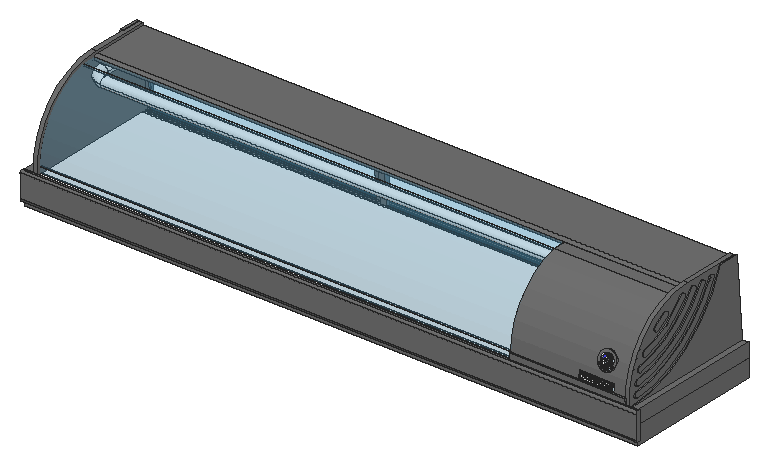
Revit family "QF_HOSHIZAKI_HNC-150BE-R-BLH", category Specialty Equipment, Revit 2016
Family settings
  Part Type = Normal
  Round Connector Dimension = Use Diameter
  OmniClass Number = 23.40.40.14
  OmniClass Title = Food Service Equipment
  Work Plane-Based = No
  Always vertical = Yes
  Cut with Voids When Loaded = No
  Shared = No
  Room Calculation Point = No
Parameters (values of type "HNC-150BE-R-BLH_230V/1Ph/50Hz")
  Weight = 37.00 kg
  Waste Remarks [instance] = ""
  Volts = 230 V
  URL Cutsheet = ""
  URL = "www.hoshizaki-europe.com"
  Status [instance] = ""
  Specification by User [instance] = ""
  Specification by Manufacturer [instance] = ""
  Serial Number = ""
  Seismic Rating = ""
  SMACNA No = ""
  Revision Code [instance] = ""
  Phase = 1
  Number of Poles = 2
  NAFEM Spec ID Number = ""
  Model = "HNC-150BE-R-BLH"
  Min Ckt Ampacity = 0 A
  Max Overcurrent Protection = 0 A
  Masterspec = ""
  Manufacturer = "HOSHIZAKI"
  Length Actual = 1500 mm
  Item Number [instance] = ""
  Installed By [instance] = ""
  Indirect Waste Size = 50.8 mm
  Indirect Waste Connection Type [instance] = ""
  Indirect Waste Connection Height [instance] = 23 mm
  Identify Quantity as Lot [instance] = no
  Height Actual = 270 mm
  HP power = ""
  Furnished By [instance] = ""
  Foodservice Equipment Identifier [instance] = yes
  FL Amps = 0.6 A
  Electric power = 140 W
  Electric Connection Type [instance] = ""
  Elec Conn RI Height [instance] = 0 mm
  Elec Conn Connection Height [instance] = 19 mm
  Direct Waste RI Height [instance] = 0 mm
  Description = "SUSHI CASE WITH LED LIGHTING, RIGHT SIDED - BLACK"
  Depth Actual = 345 mm
  Cycle = 50 Hz
  Cost = 0
  Conn Plug = ""
  Conn Conduit = no
  CSI MasterFormat = ""
  Assembly Code = "E1090320"
  Apparent Power = 140 VA
  Accessory = no
Reference planes
  plane 1 "Center (Front/Back)": y = 0
  plane 2: z = 0
  plane 3 "Center (Left/Right)": x = 0
Forms (mm)
  Extrusion 1, solid, not visible
    sketch origin (1469, -2, 18) x (1, 0, 0) y (0, 1, 0)
      loop
        line (0, 0) -> (2, 0) -> (2, 2) -> (0, 2) -> (0, 0)
    from 0 to 2
  Extrusion 2, solid, not visible
    sketch origin (67, -2, 22) x (1, 0, 0) y (0, 1, 0)
      loop
        line (0, 0) -> (2, 0) -> (2, 2) -> (0, 2) -> (0, 0)
    from 0 to 2
Dimensions and locks
  aligned and locked: level to plane 2
Nested families
  nested 1: "QF_HOSHIZAKI_HNC-150BE-R-BLH_230V_1Ph_50Hz" at (0, 0, 0), type "HNC-150BE-R-BLH_230V/1Ph/50Hz"
    with Status "", Specification by User "", Show Clearance yes, Revision Code "", Number of Poles 1, Item Number "", Installed By "", Identify Quantity as Lot no, Furnished By "", Foodservice Equipment Identifier yes, Electrical Remarks "", Electric Connection Type "", Elec Conn RI Height 0 mm, Elec Conn Connection Height 19 mm, Conn Conduit yes
Connectors
  electrical at (1470, 0, 19), driven by "Apparent Power", driven by "Number of Poles", driven by "Volts"
    settings: on Extrusion 1, index 1, voltage 230 V, apparent load 0 VA, apparent load phase1 140 VA, apparent load phase2 0 VA, apparent load phase3 0 VA, power factor 1, load classification "Other", number of poles 2, system type 31, power factor state 1, is connector primary yes, connector utility no, sub classification motor no, connector description "Electric connection for 'HNC-150BE-R-BLH'"
  piping at (68, 0, 23), diameter 50.8, driven by "Indirect Waste Size"
    settings: on Extrusion 2, index 2, connector inside diameter 609.6 mm, connector length 0 mm, flow factor 0, pipe flow 0.0 L/s, pressure drop 0.0 Pa, fitting loss kfactor 0, connector angle 0.00°, fixture units 0, engagement length 0 mm, angle of deflection 0.00°, flow configuration 1, flow direction 2, fitting loss method 0, system type 16, joint type 0, gender type 0, connector reference index -1, connector utility 0, adjustable connector no, is connector primary yes, connector description "Drain connection for 'HNC-150BE-R-BLH'"
Definition of nested family "QF_HOSHIZAKI_HNC-150BE-R-BLH_230V_1Ph_50Hz"
  Parameters (values of type "HNC-150BE-R-BLH_230V/1Ph/50Hz")
    Weight in Pounds = 81.5709
    Electric power = 150 W
    Volts = 230 V
    URL Cutsheet = "www.hoshizaki-europe.com"
    URL = "www.hoshizaki-europe.com"
    Status [instance] = ""
    Specification by User [instance] = ""
    Specification by Manufacturer = ""
    Show Logo = yes
    Show Clearance [instance] = yes
    Serial Number = ""
    Seismic Rating = ""
    SMACNA No = ""
    Revision Code [instance] = ""
    Phase = 1
    Number of Poles [instance] = 1
    NAFEM Spec ID Number = ""
    Model = "HNC-150BE-R-BLH"
    Min Ckt Ampacity = 0 A
    Max Overcurrent Protection = 0 A
    Masterspec = ""
    Manufacturer = "HOSHIZAKI"
    Item Number [instance] = ""
    Installed By [instance] = ""
    Identify Quantity as Lot [instance] = no
    HP power = "0.201153000000"
    Furnished By [instance] = ""
    Foodservice Equipment Identifier [instance] = yes
    FL Amps = 20 A
    Electrical Remarks [instance] = ""
    Electric Connection Type [instance] = ""
    Elec Conn RI Height [instance] = 0 mm
    Elec Conn Connection Height [instance] = 19 mm
    Description = "SUSHI CASE WITH LED LIGHTING, RIGHT SIDED - BLACK"
    Cycle = 50 Hz
    Conn Plug = ""
    Conn Conduit [instance] = yes
    CSI MasterFormat = ""
    Assembly Code = "E1090320"
    Apparent Power = 150 VA
  Reference planes
    plane 1 "Back": y = 0
    plane 2: z = 0
    plane 3 "Left": x = 0
    plane 4 "Right": x = 1500
    plane 5 "Front": y = -345
    plane 6 "Top": z = 270
  Forms (mm)
    Extrusion 1, solid
      sketch origin (1500, 0, 0) x (0, 1, 0) y (0, 0, -1)
        loop
          line (-335, -11.612) -> (-340, -11.612)
          arc (-340, -11.612) -> (-343.536, -13.076) -> (-345, -16.612) r 5
          line (-345, -16.612) -> (-345, -73.923)
          arc (-345, -73.923) -> (-343.536, -77.458) -> (-340, -78.923) r 5
          line (-340, -78.923) -> (-335, -78.923) -> (-335, -11.612)
      from 0 to 1500
    Extrusion 2, solid
      sketch origin (1496, 0, 0) x (0, 1, 0) y (0, 0, -1)
        loop
          line (0, 0) -> (-335, 0) -> (-335, -45.267) -> (0, -45.267) -> (0, 0)
      from 1492 to 0
    Extrusion 3, solid
      sketch origin (20, 0, 0) x (0, 1, 0) y (0, 0, 1)
        loop
          line (-335, 77.311) -> (-335, 45.267) -> (0, 45.267) -> (0, 81.612) -> (-16.482, 270) -> (-62.821, 270)
          arc (-62.821, 270) -> (-168.876, 131.23) -> (-335, 77.311) r 293.422
        loop
          arc (-83.709, 252.219) -> (-87.673, 258.508) -> (-95.039, 257.5) r 6.865
          arc (-95.039, 257.5) -> (-185.592, 150.044) -> (-318.029, 103.066) r 268.422
          arc (-318.029, 103.066) -> (-323.161, 96.407) -> (-317.08, 90.602) r 6.285
          arc (-317.08, 90.602) -> (-178.479, 139.765) -> (-83.709, 252.219) r 280.922
        loop
          arc (-111.859, 251.686) -> (-115.571, 258.059) -> (-122.925, 257.5) r 6.947
          arc (-122.925, 257.5) -> (-202.759, 168.597) -> (-315.28, 128.393) r 243.422
          arc (-315.28, 128.393) -> (-320.31, 121.62) -> (-314.06, 115.953) r 6.28
          arc (-314.06, 115.953) -> (-195.78, 158.227) -> (-111.859, 251.686) r 255.922
        loop
          arc (-140.937, 251.021) -> (-143.81, 258.338) -> (-151.626, 257.5) r 6.48
          arc (-151.626, 257.5) -> (-218.228, 188.332) -> (-308.057, 154.411) r 218.422
          arc (-308.057, 154.411) -> (-312.519, 147.451) -> (-306.269, 142.04) r 6.315
          arc (-306.269, 142.04) -> (-211.328, 177.909) -> (-140.937, 251.021) r 230.922
        loop
          arc (-173, 248.071) -> (-175.054, 255.795) -> (-183.042, 255.516) r 6.411
          arc (-183.042, 255.516) -> (-231.849, 209.297) -> (-293.527, 182.572) r 193.422
          arc (-293.527, 182.572) -> (-298.352, 176.046) -> (-293.13, 169.833) r 6.554
          arc (-293.13, 169.833) -> (-226.037, 198.16) -> (-173, 248.071) r 205.922
        loop
          arc (-225.482, 229.368) -> (-225.701, 237.193) -> (-233.285, 239.134) r 6.501
          arc (-233.285, 239.134) -> (-246.737, 229.431) -> (-261.08, 221.097) r 168.422
          arc (-261.08, 221.097) -> (-262.519, 213.318) -> (-255.34, 209.993) r 6.452
          arc (-255.34, 209.993) -> (-239.933, 218.945) -> (-225.482, 229.368) r 180.922
      from 0 to 5
    Extrusion 4, solid
      sketch origin (25, 0, 0) x (0, 1, 0) y (0, 0, 1)
        loop
          line (-335, 45.267) -> (0, 45.267) -> (0, 81.612) -> (-16.482, 270) -> (-157.482, 270)
          arc (-157.482, 270) -> (-288.48, 212.569) -> (-335, 77.311) r 178.115
          line (-335, 77.311) -> (-335, 45.267)
      from 0 to 10
    Extrusion 5, solid
      sketch origin (1480, 0, 0) x (0, 1, 0) y (0, 0, -1)
        loop
          arc (-335, -77.311) -> (-168.876, -131.23) -> (-62.821, -270) r 293.422
          line (-62.821, -270) -> (-16.482, -270) -> (0, -81.612) -> (0, -45.267) -> (-335, -45.267) -> (-335, -77.311)
        loop
          arc (-83.709, -252.219) -> (-178.479, -139.765) -> (-317.08, -90.602) r 280.922
          arc (-317.08, -90.602) -> (-323.161, -96.407) -> (-318.029, -103.066) r 6.285
          arc (-318.029, -103.066) -> (-185.592, -150.044) -> (-95.039, -257.5) r 268.422
          arc (-95.039, -257.5) -> (-87.673, -258.508) -> (-83.709, -252.219) r 6.865
        loop
          arc (-111.859, -251.686) -> (-195.78, -158.227) -> (-314.06, -115.953) r 255.922
          arc (-314.06, -115.953) -> (-320.31, -121.62) -> (-315.28, -128.393) r 6.28
          arc (-315.28, -128.393) -> (-202.759, -168.597) -> (-122.925, -257.5) r 243.422
          arc (-122.925, -257.5) -> (-115.571, -258.059) -> (-111.859, -251.686) r 6.947
        loop
          arc (-140.937, -251.021) -> (-211.328, -177.909) -> (-306.269, -142.04) r 230.922
          arc (-306.269, -142.04) -> (-312.519, -147.451) -> (-308.057, -154.411) r 6.315
          arc (-308.057, -154.411) -> (-218.228, -188.332) -> (-151.626, -257.5) r 218.422
          arc (-151.626, -257.5) -> (-143.81, -258.338) -> (-140.937, -251.021) r 6.48
        loop
          arc (-173, -248.071) -> (-226.037, -198.16) -> (-293.13, -169.833) r 205.922
          arc (-293.13, -169.833) -> (-298.352, -176.046) -> (-293.527, -182.572) r 6.554
          arc (-293.527, -182.572) -> (-231.849, -209.297) -> (-183.042, -255.516) r 193.422
          arc (-183.042, -255.516) -> (-175.054, -255.795) -> (-173, -248.071) r 6.411
        loop
          arc (-225.482, -229.368) -> (-239.933, -218.945) -> (-255.34, -209.993) r 180.922
          arc (-255.34, -209.993) -> (-262.519, -213.318) -> (-261.08, -221.097) r 6.452
          arc (-261.08, -221.097) -> (-246.737, -229.431) -> (-233.285, -239.134) r 168.422
          arc (-233.285, -239.134) -> (-225.701, -237.193) -> (-225.482, -229.368) r 6.501
      from 0 to 5
    Extrusion 6, solid
      sketch origin (1475, 0, 0) x (0, 1, 0) y (0, 0, -1)
        loop
          line (-335, -45.267) -> (-335, -77.311)
          arc (-335, -77.311) -> (-288.48, -212.569) -> (-157.482, -270) r 178.115
          line (-157.482, -270) -> (-16.482, -270) -> (0, -81.612) -> (0, -45.267) -> (-335, -45.267)
      from 0 to 10
    Extrusion 7, solid
      sketch origin (1500, 0, 0) x (0, 1, 0) y (0, 0, -1)
        loop
          line (-335.005, -77.311) -> (-335.597, -91.885) -> (-330.597, -91.885)
          arc (-330.597, -91.885) -> (-293.716, -198.698) -> (-198.787, -260) r 173.115
          line (-198.787, -260) -> (-15.607, -260) -> (0, -81.612) -> (0, -45.267) -> (-9.983, -45.267) -> (-9.983, -77.311) -> (-335.005, -77.311)
      from 35 to 317
    Extrusion 8, solid
      sketch origin (1500, 0, 0) x (0, 1, 0) y (0, 0, -1)
        loop
          line (-9.983, -45.267) -> (-335, -45.267) -> (-335, -67.293)
          arc (-335, -67.293) -> (-332.066, -74.377) -> (-324.983, -77.311) r 10.017
          line (-324.983, -77.311) -> (-20.035, -77.311)
          arc (-20.035, -77.311) -> (-12.951, -74.377) -> (-9.983, -67.293) r 10.017
          line (-9.983, -67.293) -> (-9.983, -45.267)
      from 35 to 1465
    Extrusion 9, solid
      sketch origin (1500, 0, 0) x (0, 1, 0) y (0, 0, -1)
        loop
          line (-16.044, -265) -> (-15.169, -255) -> (-166.142, -255) -> (-166.142, -260)
          arc (-166.142, -260) -> (-162.482, -263.66) -> (-157.482, -265) r 10
          line (-157.482, -265) -> (-16.044, -265)
      from 35 to 1465
    Extrusion 10, solid
      sketch origin (1500, 0, 0) x (0, 1, 0) y (0, 0, -1)
        loop
          line (-166.142, -260) -> (-166.142, -255) -> (-198.178, -255)
          arc (-198.178, -255) -> (-289.967, -195.377) -> (-325.597, -91.885) r 168.115
          line (-325.597, -91.885) -> (-325.597, -77.395) -> (-330.597, -77.395) -> (-330.597, -91.885)
          arc (-330.597, -91.885) -> (-293.716, -198.698) -> (-198.787, -260) r 173.115
          line (-198.787, -260) -> (-166.142, -260)
      from 317 to 1465
    Sweep 11, solid
      path origin (1198.216, 0, 230) x (-1, 0, 0) y (0, -1, 0)
        loop
          line (1072.551, 50.66) -> (1112.551, 50.66)
          arc (1112.551, 50.66) -> (1140.051, 62.051) -> (1151.442, 89.551) r 38.891
          line (1151.442, 89.551) -> (1151.442, 153.787)
          arc (1151.442, 153.787) -> (1142.122, 176.287) -> (1119.622, 185.607) r 31.82
          line (1119.622, 185.607) -> (14.622, 185.607)
      profile origin (105.665, -50.66, 230) x (0, -1, 0) y (0, 0, 1)
        loop
          circle (0, 0) r 12.5
    Extrusion 12, solid
      sketch origin (1500, 0, 0) x (0, 1, 0) y (0, 0, -1)
        loop
          line (0, -45.267) -> (-10, -45.267) -> (-10, -77.311) -> (-5, -77.311) -> (-5, -81.612) -> (-6.743, -101.536) -> (-1.743, -101.536) -> (0, -81.612) -> (0, -45.267)
      from 317 to 1465
    Extrusion 13, solid
      sketch origin (1200, 0, 0) x (0, 1, 0) y (0, 0, -1)
        loop
          line (-6.743, -101.536) -> (-20.169, -255) -> (-15.169, -255) -> (-1.743, -101.536) -> (-6.743, -101.536)
      from 1150 to 1165
    Extrusion 14, solid
      sketch origin (1183, -10, 0) x (0, 1, 0) y (0, 0, -1)
        loop
          line (-5, -77.311) -> (-9.917, -77.311) -> (-9.917, -80.666) -> (-25.169, -255) -> (-20.169, -255) -> (-5, -81.612) -> (-5, -77.311)
      from 0 to 550
    Extrusion 15, solid
      sketch origin (1500, 0, 0) x (-1, 0, 0) y (0, 0, -1)
        loop
          line (20, -45.267) -> (4, -45.267) -> (4, -78.923) -> (20, -78.923) -> (20, -45.267)
      from 0 to 335
    Extrusion 16, solid
      sketch origin (20, 0, 0) x (-1, 0, 0) y (0, 0, -1)
        loop
          line (16, -45.267) -> (0, -45.267) -> (0, -78.923) -> (16, -78.923) -> (16, -45.267)
      from 0 to 335
    Extrusion 17, solid
      sketch origin (1470, 5, 19) x (-1, 0, 0) y (0, 0, -1)
        loop
          circle (0, 0) r 5
      from 0 to 5
    Extrusion 18, solid
      sketch origin (600, 0, 0) x (0, 1, 0) y (0, 0, -1)
        loop
          line (-5, -77.311) -> (-9.917, -77.311) -> (-9.917, -80.666) -> (-25.169, -255) -> (-20.169, -255) -> (-5, -81.612) -> (-5, -77.311)
      from 0 to 550
    Extrusion 19, solid
      sketch origin (600, 0, 0) x (0, 1, 0) y (0, 0, 1)
        loop
          line (-6.743, 101.536) -> (-2.401, 109.056) -> (-14.603, 248.524) -> (-20.169, 255) -> (-25.169, 255) -> (-9.917, 80.666) -> (-4.917, 80.666) -> (-6.743, 101.536)
      from 16 to 0
    Extrusion 20, solid
      sketch origin (617, -10, 0) x (0, 1, 0) y (0, 0, 1)
        loop
          line (-6.743, 101.536) -> (-2.401, 109.056) -> (-14.603, 248.524) -> (-20.169, 255) -> (-25.169, 255) -> (-9.917, 80.666) -> (-4.917, 80.666) -> (-6.743, 101.536)
      from 16 to 0
    Extrusion 21, solid, visible <- "Show Logo"
      sketch origin (1303.022, -388.675, -502.62) x (1, 0, 0) y (0, 0.087156, 0.996195)
        loop
          line (55.338, 616.136) -> (55.338, 615.183) -> (56.401, 614.569) -> (56.401, 609.537) -> (55.338, 608.924) -> (55.338, 607.971) -> (59.638, 607.971) -> (59.638, 608.924) -> (58.286, 609.537) -> (58.286, 611.434) -> (61.704, 611.434) -> (61.704, 609.537) -> (60.353, 608.924) -> (60.353, 607.971) -> (64.652, 607.971) -> (64.652, 608.924) -> (63.589, 609.537) -> (63.589, 614.569) -> (64.652, 615.183) -> (64.652, 616.136) -> (60.353, 616.136) -> (60.353, 615.183) -> (61.704, 614.569) -> (61.704, 612.924) -> (58.286, 612.924) -> (58.286, 614.569) -> (59.638, 615.183) -> (59.638, 616.136) -> (55.338, 616.136)
        loop
          spline (69.001, 608.002) -> (70.129, 608.14) -> (71.179, 608.547) -> (72.081, 609.193) -> (72.773, 610.035) -> (73.209, 611.016) -> (73.357, 612.069) -> (73.209, 613.121) -> (72.773, 614.102) -> (72.081, 614.944) -> (71.179, 615.591) -> (70.129, 615.997) -> (69.001, 616.136)
          spline (69.001, 616.136) -> (67.874, 615.997) -> (66.824, 615.591) -> (65.922, 614.944) -> (65.229, 614.102) -> (64.794, 613.121) -> (64.646, 612.069) -> (64.794, 611.016) -> (65.229, 610.035) -> (65.922, 609.193) -> (66.824, 608.547) -> (67.874, 608.14) -> (69.001, 608.002)
        loop
          spline (68.927, 609) -> (69.484, 609.105) -> (70.004, 609.411) -> (70.45, 609.899) -> (70.792, 610.534) -> (71.007, 611.274) -> (71.08, 612.069) -> (71.007, 612.863) -> (70.792, 613.603) -> (70.45, 614.239) -> (70.004, 614.726) -> (69.484, 615.033) -> (68.927, 615.137)
          spline (68.927, 615.137) -> (68.37, 615.033) -> (67.851, 614.726) -> (67.405, 614.239) -> (67.063, 613.603) -> (66.847, 612.863) -> (66.774, 612.069) -> (66.847, 611.274) -> (67.063, 610.534) -> (67.405, 609.899) -> (67.851, 609.411) -> (68.37, 609.105) -> (68.927, 609)
        loop
          line (81.179, 616.194) -> (79.474, 615.758)
          arc (79.474, 615.758) -> (77.281, 616.22) -> (75.089, 615.753) r 5.403
          arc (75.089, 615.753) -> (73.886, 613.9) -> (75.089, 612.047) r 2.029
          line (75.089, 612.047) -> (78.971, 610.634)
          arc (78.971, 610.634) -> (79.436, 609.97) -> (78.971, 609.307) r 0.706
          arc (78.971, 609.307) -> (77.855, 609.11) -> (76.74, 609.307) r 3.262
          line (76.74, 609.307) -> (75.274, 610.772) -> (73.787, 610.772) -> (73.787, 608.097) -> (75.666, 608.577)
          arc (75.666, 608.577) -> (78.223, 607.78) -> (80.78, 608.577) r 4.5
          arc (80.78, 608.577) -> (81.48, 610.43) -> (80.78, 612.283) r 2.804
          line (80.78, 612.283) -> (76.487, 613.433)
          arc (76.487, 613.433) -> (75.882, 614.221) -> (76.487, 615.009) r 0.816
          arc (76.487, 615.009) -> (77.614, 615.157) -> (78.742, 615.009) r 4.357
          line (78.742, 615.009) -> (79.927, 613.433) -> (81.179, 613.433) -> (81.179, 616.194)
        loop
          line (82.271, 616.136) -> (82.271, 615.183) -> (83.334, 614.569) -> (83.334, 609.537) -> (82.271, 608.924) -> (82.271, 607.971) -> (86.57, 607.971) -> (86.57, 608.924) -> (85.219, 609.537) -> (85.219, 611.434) -> (88.636, 611.434) -> (88.636, 609.537) -> (87.285, 608.924) -> (87.285, 607.971) -> (91.585, 607.971) -> (91.585, 608.924) -> (90.522, 609.537) -> (90.522, 614.569) -> (91.585, 615.183) -> (91.585, 616.136) -> (87.285, 616.136) -> (87.285, 615.183) -> (88.636, 614.569) -> (88.636, 612.924) -> (85.219, 612.924) -> (85.219, 614.569) -> (86.57, 615.183) -> (86.57, 616.136) -> (82.271, 616.136)
        loop
          line (96.706, 616.136) -> (92.416, 616.136) -> (92.416, 615.183) -> (93.479, 614.569) -> (93.479, 609.537) -> (92.416, 608.924) -> (92.416, 607.971) -> (96.706, 607.971) -> (96.706, 608.924) -> (95.643, 609.537) -> (95.643, 614.569) -> (96.706, 615.183) -> (96.706, 616.136)
        loop
          line (97.667, 616.136) -> (97.667, 612.671) -> (98.907, 612.671) -> (98.907, 614.463) -> (99.558, 615.114) -> (102.547, 615.114) -> (97.667, 609.299) -> (97.667, 607.971) -> (104.908, 607.971) -> (104.908, 611.273) -> (103.649, 611.273) -> (103.649, 609.958) -> (102.708, 609.299) -> (100.239, 609.299) -> (104.908, 614.862) -> (104.908, 616.136) -> (97.667, 616.136)
        loop
          line (105.624, 607.971) -> (109.33, 607.971) -> (109.33, 609.028) -> (107.454, 609.028) -> (108.104, 610.636) -> (111.138, 610.636) -> (111.792, 609.702) -> (111.119, 609.028) -> (110.298, 609.028) -> (110.298, 607.971) -> (114.469, 607.971) -> (114.469, 609.299) -> (110.933, 616.136) -> (109.33, 616.136) -> (106.458, 609.028) -> (105.624, 609.028) -> (105.624, 607.971)
        loop
          line (114.779, 616.136) -> (114.779, 615.083) -> (116.046, 615.083) -> (116.046, 609.299) -> (114.99, 609.299) -> (114.99, 607.971) -> (118.696, 607.971) -> (117.926, 609.461) -> (117.926, 610.349) -> (119.101, 611.525) -> (121.327, 609.299) -> (120.053, 609.299) -> (120.053, 607.971) -> (124.657, 607.971) -> (124.657, 609.299) -> (123.759, 609.299) -> (120.592, 613.016) -> (122.659, 615.083) -> (123.759, 615.083) -> (123.759, 616.136) -> (120.053, 616.136) -> (120.053, 615.083) -> (121.071, 615.083) -> (117.926, 611.937) -> (118.696, 615.083) -> (118.696, 616.136) -> (114.779, 616.136)
        loop
          line (129.485, 616.136) -> (125.196, 616.136) -> (125.196, 615.183) -> (126.259, 614.569) -> (126.259, 609.537) -> (125.196, 608.924) -> (125.196, 607.971) -> (129.485, 607.971) -> (129.485, 608.924) -> (128.422, 609.537) -> (128.422, 614.569) -> (129.485, 615.183) -> (129.485, 616.136)
        loop
          line (109.583, 614.299) -> (108.553, 611.748) -> (110.666, 611.748) -> (109.583, 614.299)
        loop
          line (52.372, 617.338) -> (52.372, 606.471) -> (131.113, 606.471) -> (131.113, 617.338) -> (52.372, 617.338)
        loop
          line (133.113, 619.338) -> (50.372, 619.338) -> (50.372, 604.471) -> (133.113, 604.471) -> (133.113, 619.338)
      from -1 to 1
    Extrusion 22, solid, visible <- "Show Logo"
      sketch origin (1313.022, -389.92, -522.587) x (1, 0, 0) y (0, 0.087156, 0.996195)
        loop
          line (42.372, 637.338) -> (42.372, 626.471) -> (121.113, 626.471) -> (121.113, 637.338) -> (42.372, 637.338)
      from -1 to 1
    Extrusion 23, solid, visible <- "Show Logo"
      sketch origin (1872.337, -1021.027, -1575.105) x (-1, 0, 0) y (0, -0.374607, -0.927184)
        loop
          circle (459.884, -1862.5) r 13.99
      from 0 to 2.5
    Extrusion 24, solid, visible <- "Show Logo"
      sketch origin (1872.337, -1021.49, -1574.918) x (-1, 0, 0) y (0, -0.374607, -0.927184)
        loop
          circle (459.884, -1862.5) r 15
        loop
          arc (446.884, -1862.5) -> (460.705, -1875.474) -> (472.781, -1860.863) r 13
          line (472.781, -1860.863) -> (470.355, -1858.437) -> (469.346, -1862.201) -> (466.355, -1863.928) -> (465.024, -1865.26) -> (463.375, -1865.26) -> (462.04, -1870.241) -> (457.755, -1870.241) -> (459.339, -1867.979) -> (460.402, -1864.014) -> (461.224, -1860.945) -> (462.416, -1856.497) -> (461.216, -1855.297) -> (459.433, -1857.843) -> (455.784, -1851.523) -> (460.361, -1851.523) -> (461.471, -1853.446) -> (469.213, -1853.446)
          arc (469.213, -1853.446) -> (460.394, -1849.51) -> (451.293, -1852.743) r 13
          line (451.293, -1852.743) -> (455.577, -1853.891) -> (453.752, -1856.497) -> (455.349, -1856.497) -> (454.477, -1866.459) -> (452.538, -1866.459) -> (446.884, -1862.5)
        loop
          line (447.853, -1857.467) -> (452.313, -1861.926) -> (450.144, -1853.891)
          arc (450.144, -1853.891) -> (448.878, -1855.602) -> (447.853, -1857.467) r 15.828
        loop
          line (463.583, -1862.877) -> (466.64, -1862.399) -> (464.901, -1861.285) -> (463.583, -1857.664) -> (463.583, -1862.877)
        loop
          line (464.827, -1855.979) -> (468.296, -1856.908) -> (469.573, -1854.916) -> (468.881, -1854.224) -> (467.914, -1855.035) -> (464.827, -1855.979)
        loop
          line (462.609, -1872.307) -> (462.609, -1874.009) -> (464.927, -1873.388) -> (462.609, -1872.307)
        loop
          line (460.361, -1874.662) -> (459.594, -1873.335) -> (460.801, -1872.638) -> (459.186, -1872.205) -> (458.298, -1874.11) -> (460.361, -1874.662)
        loop
          line (459.623, -1846.783) -> (460.706, -1845.701) -> (462.247, -1845.701) -> (461.191, -1844.645) -> (461.503, -1842.874) -> (459.623, -1843.959) -> (457.743, -1842.874) -> (458.055, -1844.645) -> (456.999, -1845.701) -> (458.54, -1845.701) -> (459.623, -1846.783)
        loop
          line (446.86, -1853.7) -> (446.594, -1852.191) -> (447.478, -1850.929) -> (446.007, -1851.188) -> (444.736, -1849.917) -> (444.547, -1852.08) -> (442.579, -1852.997) -> (444.209, -1853.757) -> (444.468, -1855.228) -> (445.352, -1853.965) -> (446.86, -1853.7)
        loop
          line (452.395, -1848.68) -> (452.856, -1847.219) -> (454.223, -1846.508) -> (452.799, -1846.059) -> (452.258, -1844.344) -> (451.091, -1846.175) -> (448.922, -1846.08) -> (450.017, -1847.507) -> (449.568, -1848.931) -> (450.935, -1848.219) -> (452.395, -1848.68)
        loop
          line (472.909, -1853.7) -> (474.417, -1853.965) -> (475.301, -1855.228) -> (475.56, -1853.757) -> (477.19, -1852.997) -> (475.222, -1852.08) -> (475.033, -1849.917) -> (473.761, -1851.188) -> (472.291, -1850.929) -> (473.175, -1852.191) -> (472.909, -1853.7)
        loop
          line (467.374, -1848.68) -> (468.834, -1848.219) -> (470.201, -1848.931) -> (469.752, -1847.507) -> (470.847, -1846.08) -> (468.678, -1846.175) -> (467.511, -1844.344) -> (466.97, -1846.059) -> (465.546, -1846.508) -> (466.913, -1847.219) -> (467.374, -1848.68)
      from 0 to 2.5
    Extrusion 25, solid, visible <- "Show Logo"
      sketch origin (1872.337, -1021.49, -1574.918) x (-1, 0, 0) y (0, -0.374607, -0.927184)
        loop
          line (462.609, -1874.009) -> (462.609, -1872.307) -> (462.085, -1870.241) -> (457.755, -1870.241) -> (459.339, -1867.979) -> (462.416, -1856.497) -> (461.216, -1855.297) -> (459.433, -1857.843) -> (455.808, -1851.565) -> (453.948, -1851.565) -> (455.577, -1853.891) -> (454.477, -1866.459) -> (456.345, -1871.339)
          arc (456.345, -1871.339) -> (456.868, -1874.025) -> (459.213, -1875.435) r 3.366
          arc (459.213, -1875.435) -> (460.198, -1875.496) -> (461.183, -1875.435) r 8.046
          line (461.183, -1875.435) -> (462.609, -1874.009)
        loop
          line (456.854, -1851.523) -> (460.361, -1851.523) -> (460.916, -1852.485) -> (462.702, -1852.485) -> (463.779, -1851.407) -> (460.623, -1851.407) -> (461.563, -1850.468) -> (456.245, -1850.468) -> (456.854, -1851.523)
        loop
          line (460.361, -1874.662) -> (459.594, -1873.335) -> (460.801, -1872.638) -> (459.186, -1872.205) -> (458.298, -1874.11) -> (460.361, -1874.662)
      from 0 to 2.5
    Extrusion 26, solid, visible <- "Show Logo"
      sketch origin (1857.953, -534.45, -370.786) x (-1, 0, 0) y (0, -0.374607, -0.927184)
        loop
          circle (445.5, -563.6) r 22.5
      from 0 to 2
  Lines and regions (mm)
    symbolic lines
      curve 1: line (1500, -335, 0) -> (1500, -345, 0)
      curve 2: line (1500, -345, 0) -> (0, -345, 0)
      curve 3: line (0, -345, 0) -> (0, -335, 0)
      curve 4: line (0, -335, 0) -> (4, -335, 0)
      curve 5: line (4, -335, 0) -> (4, 0, 0)
      curve 6: line (4, 0, 0) -> (1496, 0, 0)
      curve 7: line (1465, 0, 0) -> (1465, 5, 0)
      curve 8: line (1465, 5, 0) -> (1475, 5, 0)
      curve 9: line (1475, 5, 0) -> (1475, 0, 0)
      curve 10: line (1496, 0, 0) -> (1496, -335, 0)
      curve 11: line (1496, -335, 0) -> (1500, -335, 0)
      curve 12: line (1496, -335, 0) -> (4, -335, 0)
      curve 13: line (35, -335, 0) -> (35, 0, 0)
      curve 14: line (1465, -335, 0) -> (1465, 0, 0)
      curve 15: line (1183, 0, 0) -> (1183, -335, 0)
      curve 16: line (35, -166.142, 0) -> (1183, -166.142, 0)
  Dimensions and locks
    plane 4 "Right" to plane 3 "Left" = 1500 mm
    aligned and locked: level to plane 2
  Connectors
    electrical at (1470, 5, 19), driven by "Apparent Power", driven by "Volts", driven by "Number of Poles"
      settings: on Extrusion 17, index 1, voltage 230 V, apparent load 0 VA, apparent load phase1 150 VA, apparent load phase2 0 VA, apparent load phase3 0 VA, power factor 1, load classification none, number of poles 1, system type 31, power factor state 1, is connector primary yes, connector utility no, sub classification motor no, connector description "Electrical Connection"
